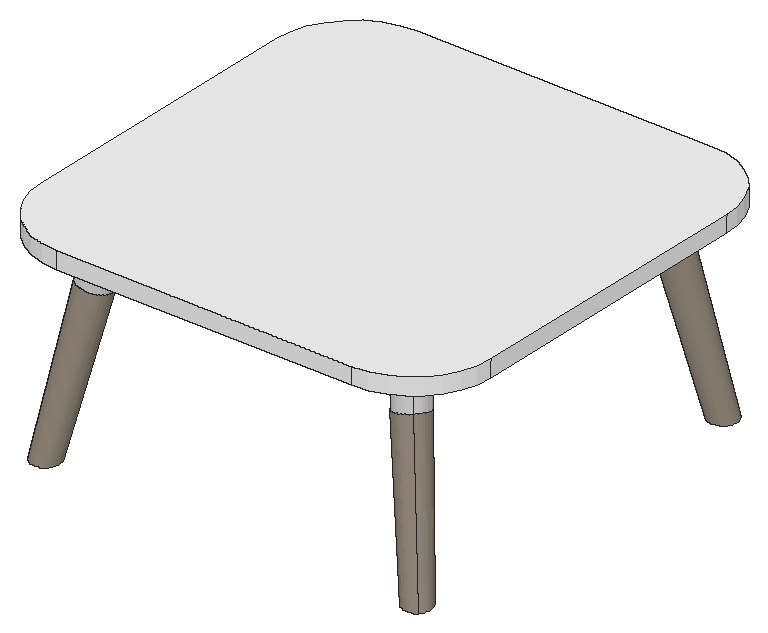
Revit family "BDG_BossDesign_Tbls_Myriad", category Furniture, Revit 2015
Parameters (values of type "Square Coffee Table")
  WorksurfaceArea = NominalLength * NominalWidth  # 0.4489 m²
  WarrantyStartDate [instance] = "1900-12-31T23:59:59"
  WarrantyGuarantorParts = "sales@bossdesign.com"
  WarrantyGuarantorLabor = "sales@bossdesign.com"
  WarrantyDurationUnit = "year"
  WarrantyDurationParts = "5"
  WarrantyDurationLabor = "5"
  WarrantyDescription = "Structural Warranty Excludes Foams and Fabrics"
  Version = "1"
  Uniclass2015Version = "Products v1.10"
  Uniclass2015Title = "Coffee tables"
  Uniclass2015Code = "Pr_40_50_21_14"
  Uniclass2 = "n/a"
  URL = "www.bossdesign.com"
  TopMaterial [instance] = BDG_Generic_MFC_White
  TagNumber [instance] = "n/a"
  SustainabilityPerformance = "99% Recyclable"
  Style = "n/a"
  Size = "670 x 670 x 345mm"
  Shape = "Square"
  SerialNumber [instance] = "n/a"
  Revision = "n/a"
  ReplacementCost = "n/a"
  ProductInformation = "www.bossdesign.com/product-list/myriad/"
  NumberOfChairs = 0
  NominalWidth = 670 mm
  NominalLength = 670 mm
  NominalHeight = 345 mm
  Name = "Tables_Myriad_BossDesign"
  NBSTypeID = "n/a"
  NBSReference = "45-35-86/327"
  NBSOfficeMasterTag = "n/a"
  NBSDescription = "Tables"
  ModelReference = "Square Coffee Table"
  ModelNumber = "MYR/CT"
  Model = ModelNumber  # "MYR/CT"
  Material = "MFC"
  ManufacturerURL = "www.bossdesign.com"
  ManufacturerName = "Boss Design"  # constant formula
  Manufacturer = "sales@bossdesign.com"
  MainColor = Color  # "White"
  Keynote = Uniclass2015Code  # "Pr_40_50_21_14"
  InstallationDate [instance] = "1900-12-31T23:59:59"
  IfcExportType = "TABLE"
  IfcExportAs = "IfcFurnishingElementType"
  HasWhiteSteelLeg [instance] = no
  HasOakLaquerLeg [instance] = yes
  HasBlackSteelLeg [instance] = no
  Grade = "n/a"
  Finish = "n/a"
  Features = "n/a"
  ExpectedLife = "5"
  DurationUnit = "year"
  Description = ModelReference  # "Square Coffee Table"
  Constituents = "n/a"
  Color = "White"
  CodePerformance = "BSEN 16139:2013"
  Category = "Pr_40_50_21_14 : Coffee tables"
  BarCode [instance] = "n/a"
  BIMObjectName = "BDG_BossDesign_Tables_Myriad"
  Author = "BIMBox"  # constant formula
  AssetType = "Movable"
  AssetIdentifier [instance] = "n/a"
  Assembly Code = "E2020200"
  AccessibilityPerformance = "n/a"
Reference planes
  plane 1 "Center (Front/Back)": y = 0
  plane 2: z = 0
  plane 3 "Center (Left/Right)": x = 0
Forms (mm)
  Extrusion 1, solid, material "BDG_Generic_MFC_White" <- "TopMaterial"
    sketch origin (-413.791, -2858.476, 0) x (1, 0, 0) y (0, 1, 0)
      loop
        line (193.791, 2523.476) -> (633.791, 2523.476)
        arc (633.791, 2523.476) -> (715.109, 2557.159) -> (748.791, 2638.476) r 115
        line (748.791, 2638.476) -> (748.791, 3078.476)
        arc (748.791, 3078.476) -> (715.109, 3159.793) -> (633.791, 3193.476) r 115
        line (633.791, 3193.476) -> (193.791, 3193.476)
        arc (193.791, 3193.476) -> (112.474, 3159.793) -> (78.791, 3078.476) r 115
        line (78.791, 3078.476) -> (78.791, 2638.476)
        arc (78.791, 2638.476) -> (112.474, 2557.159) -> (193.791, 2523.476) r 115
    from 300 to 325
Dimensions and locks
  aligned and locked: level to plane 2
Nested families
  nested 1: "BDG_BossDesign_Myriad_TableLeg" at (0, 0, 0), IsBSL <- "HasBlackSteelLeg", IsOakLeg <- "HasOakLaquerLeg", IsWSL <- "HasWhiteSteelLeg", type "BDG_BossDesign_Myriad_TableLeg"
    with IsWSL no, IsOakLeg yes, IsBSL no
  nested 2: "BDG_BossDesign_Myriad_TableLeg" at (0, 0, 0) x (-1, 0, 0) z (0, 0, 1), IsBSL <- "HasBlackSteelLeg", IsOakLeg <- "HasOakLaquerLeg", IsWSL <- "HasWhiteSteelLeg", type "BDG_BossDesign_Myriad_TableLeg"
    with IsWSL no, IsOakLeg yes, IsBSL no
  nested 3: "BDG_BossDesign_Myriad_TableLeg" at (0, 0, 0), IsBSL <- "HasBlackSteelLeg", IsOakLeg <- "HasOakLaquerLeg", IsWSL <- "HasWhiteSteelLeg", type "BDG_BossDesign_Myriad_TableLeg"
    with IsWSL no, IsOakLeg yes, IsBSL no
  nested 4: "BDG_BossDesign_Myriad_TableLeg" at (0, 0, 0) x (-1, 0, 0) z (0, 0, 1), IsBSL <- "HasBlackSteelLeg", IsOakLeg <- "HasOakLaquerLeg", IsWSL <- "HasWhiteSteelLeg", type "BDG_BossDesign_Myriad_TableLeg"
    with IsWSL no, IsOakLeg yes, IsBSL no
Definition of nested family "BDG_BossDesign_Myriad_TableLeg"
  Parameters (values of type "BDG_BossDesign_Myriad_TableLeg")
    URL = "http://www.komac.co.uk/creo_files/upload/documents/Myriad_revit_product_spec_sheet.pdf"
    Manufacturer = "Komac"
    IsWSL [instance] = yes
    IsOakLeg [instance] = yes
    IsBSL [instance] = yes
    Description = "Breakout & Upholstery"
    Contact = "sales@komac.co.uk"
  Reference planes
    plane 1 "Center (Front/Back)": y = 0
    plane 2: z = 0
    plane 3 "Center (Left/Right)": x = 0
    plane 4: x = -335
    plane 5: x = 335
    plane 6: y = -335
    plane 7: y = 335
    plane 8: z = 460
  Forms (mm)
    Revolve 1, solid, visible <- "IsOakLeg"
      sketch origin (4.039, 4.039, 0) x (-0.707107, 0.707107, 0) y (0, 0, 1)
        loop
          line (315.936, 228.925) -> (379.924, -6.863) -> (399.187, -1.635) -> (340.194, 234.973) -> (315.936, 228.925)
        axis (399.287, -2.035) -> (340.194, 234.973)
      angle from 0 to 360
    Revolve 2, solid, visible <- "IsOakLeg"
      sketch origin (4.039, 4.039, 0) x (-0.707107, 0.707107, 0) y (0, 0, 1)
        loop
          line (315.936, 228.925) -> (340.194, 234.973) -> (321.55, 309.749) -> (297.293, 303.701) -> (315.936, 228.925)
        axis (340.194, 234.973) -> (321.55, 309.749)
      angle from 0 to 360
    Revolve 3, solid, visible <- "IsWSL"
      sketch origin (4.039, 4.039, 0) x (-0.707107, 0.707107, 0) y (0, 0, 1)
        loop
          line (295.768, 303.244) -> (379.924, -6.863) -> (399.187, -1.635) -> (321.568, 309.677) -> (295.768, 303.244)
        axis (399.287, -2.035) -> (321.568, 309.677)
      angle from 0 to 360
    Extrusion 4, void
      sketch origin (0, 0, 0) x (1, 0, 0) y (0, 1, 0)
        loop
          line (-335, 335) -> (-335, 0) -> (0, 0) -> (0, 335) -> (-335, 335)
      from -23.937 to 5
    Extrusion 5, solid
      sketch origin (0, 0, 0) x (1, 0, 0) y (0, 1, 0)
        loop
          circle (-276.984, 285.061) r 10
      from 0 to 5
    Extrusion 6, void
      sketch origin (0, 0, 0) x (0, 1, 0) y (0, 0, 1)
        loop
          line (342.21, 300.048) -> (342.21, 350.048) -> (0, 350.048) -> (0, 300.048) -> (342.21, 300.048)
      from -335 to 0
    Revolve 7, solid, visible <- "IsBSL"
      sketch origin (4.039, 4.039, 0) x (-0.707107, 0.707107, 0) y (0, 0, 1)
        loop
          line (295.768, 303.244) -> (379.924, -6.863) -> (399.187, -1.635) -> (321.568, 309.677) -> (295.768, 303.244)
        axis (399.287, -2.035) -> (321.568, 309.677)
      angle from 0 to 360
  Cuts and joins
    Extrusion 6 cuts Revolve 2
    Extrusion 4, Extrusion 6 cuts Revolve 3
    Extrusion 4 cuts Revolve 1
    Extrusion 4, Extrusion 6 cuts Revolve 7
  Dimensions and locks
    equal spacing: plane 6, plane 1 "Center (Front/Back)", plane 7
    equal spacing: plane 4, plane 3 "Center (Left/Right)", plane 5
    plane 4 to plane 5 = 670 mm
    plane 6 to plane 7 = 670 mm
    aligned and locked: level to plane 2
    aligned and locked: plane 4 to Extrusion 4 sketch curve
    aligned and locked: Extrusion 4 sketch curve to plane 1 "Center (Front/Back)"
    aligned and locked: Extrusion 4 sketch curve to plane 3 "Center (Left/Right)"
  Automatic sketch dimensions
    Revolve 1 sketch curve to level = 1.635 mm
    Revolve 1 sketch curve to plane 8 = 225.027 mm
    Revolve 1 sketch curve to Revolve 1 sketch curve = 24.257 mm
    Revolve 1 sketch curve to level = 6.863 mm
    Revolve 1 sketch curve to Revolve 1 sketch curve = 19.263 mm
    Revolve 1 sketch curve to plane 8 = 189.524 mm
    Revolve 1 sketch curve to Revolve 1 sketch curve = 8.852 mm
    level to Revolve 1 sketch curve = 176.755 mm
    Revolve 1 sketch curve to Revolve 1 sketch curve = 14.515 mm
    Revolve 2 sketch curve to plane 8 = 156.299 mm
    Revolve 2 sketch curve to Revolve 2 sketch curve = 18.644 mm
    Revolve 2 sketch curve to plane 8 = 150.251 mm
    Revolve 2 sketch curve to plane 8 = 189.524 mm
    Revolve 2 sketch curve to Revolve 2 sketch curve = 8.852 mm
    level to Revolve 2 sketch curve = 176.755 mm
    Revolve 2 sketch curve to Revolve 2 sketch curve = 14.515 mm
    Revolve 2 sketch curve to Revolve 2 sketch curve = 24.257 mm
    Revolve 3 sketch curve to Revolve 3 sketch curve = 25.8 mm
    Revolve 3 sketch curve to level = 6.863 mm
    Revolve 3 sketch curve to level = 1.635 mm
    Revolve 3 sketch curve to Revolve 3 sketch curve = 19.263 mm
    Revolve 3 sketch curve to Revolve 3 sketch curve = 9.774 mm
    Revolve 3 sketch curve to Revolve 3 sketch curve = 33.141 mm
    Revolve 3 sketch curve to Revolve 3 sketch curve = 132.921 mm
    Revolve 3 sketch curve to Revolve 3 sketch curve = 39.201 mm
    Revolve 3 sketch curve to plane 8 = 156.756 mm
    plane 7 to Extrusion 4 sketch curve = 0 mm
    plane 4 to Extrusion 5 sketch curve = 58.016 mm
    plane 7 to Extrusion 5 sketch curve = 49.939 mm
    Extrusion 6 sketch curve to plane 1 "Center (Front/Back)" = 0 mm
    Extrusion 6 sketch curve to plane 7 = 7.21 mm
    Extrusion 6 sketch curve to plane 8 = 159.952 mm
    Extrusion 6 sketch curve to Extrusion 6 sketch curve = 50 mm
    Revolve 7 sketch curve to plane 8 = 156.756 mm
    Revolve 7 sketch curve to plane 8 = 150.323 mm
    Revolve 7 sketch curve to Revolve 7 sketch curve = 25.8 mm
    Revolve 7 sketch curve to level = 6.863 mm
    Revolve 7 sketch curve to Revolve 7 sketch curve = 84.155 mm
    Revolve 7 sketch curve to plane 8 = 189.524 mm
    Revolve 7 sketch curve to Revolve 7 sketch curve = 9.774 mm
    level to Revolve 7 sketch curve = 176.755 mm
    Revolve 7 sketch curve to Revolve 7 sketch curve = 23.367 mm
    radius of Extrusion 5 sketch curve = 10 mm
